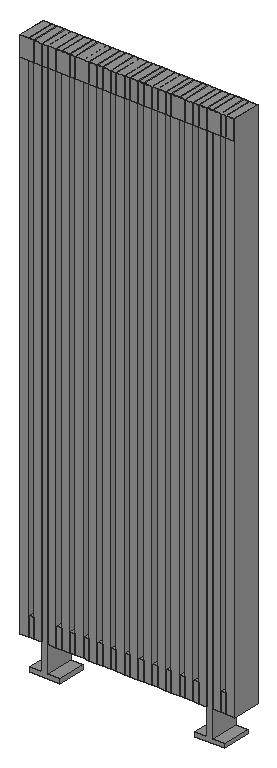
Revit family "13905 Информационный стенд «Линк» L Хоббика", category Антураж, Revit 2018
Family settings
  На основе рабочей плоскости = Нет
  Всегда вертикально = Да
  При загрузке вырезать с полостями = Нет
  Источник визуального образа = Геометрия семейства
  Общий = Нет
  Точка расчета площади = Нет
Parameters (values of type "Информационный стенд «Линк» L")
  Ширина = 105 mm  # constant formula
  Цвет отделки = Дерево
  Цвет каркаса = Сталь
  Описание = "Информационный стенд «Линк» L"  # constant formula
  Материал изделия = "Сталь, дерево"  # constant formula
  Изображение типоразмера = Информационный стенд «Линк» L Арт 13905.jpg
  Изготовитель = "ООО «Хоббика»"  # constant formula
  Длина = 780 mm  # constant formula
  Группа модели = "Стенды и указатели"  # constant formula
  Высота = 2065 mm  # constant formula
  Артикул товара = "Арт. 13905"  # constant formula
  URL = "https://hobbyka.ru/product/informatsionnyy_stend_link_l"
Reference planes
  plane 1 "По центру (Вперед/Назад)": y = 0
  plane 2: z = 0
  plane 3 "По центру (Влево/Вправо)": x = 0
  plane 4: x = 780
  plane 5: y = 105
  plane 6: z = 2065
Forms (mm)
  Extrusion 1, solid, material "Дерево" <- "Цвет отделки"
    sketch origin (0, 0, 0) x (1, 0, 0) y (0, 0, 1)
      loop
        line (30, 112.904) -> (30, 2065) -> (0, 2065) -> (0, 112.904) -> (30, 112.904)
    from 0 to -105
  Extrusion 2, solid, material "Дерево" <- "Цвет отделки"
    sketch origin (750, 0, 0) x (1, 0, 0) y (0, 0, 1)
      loop
        line (30, 112.904) -> (30, 2065) -> (0, 2065) -> (0, 112.904) -> (30, 112.904)
    from 0 to -105
  Extrusion 3, solid, material "Дерево" <- "Цвет отделки"
    sketch origin (50, 0, 0) x (1, 0, 0) y (0, 0, 1)
      loop
        line (30, 112.904) -> (30, 2065) -> (0, 2065) -> (0, 112.904) -> (30, 112.904)
    from 0 to -105
  Extrusion 4, solid, material "Дерево" <- "Цвет отделки"
    sketch origin (100, 0, 0) x (1, 0, 0) y (0, 0, 1)
      loop
        line (30, 112.904) -> (30, 2065) -> (0, 2065) -> (0, 112.904) -> (30, 112.904)
    from 0 to -105
  Extrusion 5, solid, material "Дерево" <- "Цвет отделки"
    sketch origin (150, 0, 0) x (1, 0, 0) y (0, 0, 1)
      loop
        line (30, 112.904) -> (30, 2065) -> (0, 2065) -> (0, 112.904) -> (30, 112.904)
    from 0 to -105
  Extrusion 6, solid, material "Дерево" <- "Цвет отделки"
    sketch origin (200, 0, 0) x (1, 0, 0) y (0, 0, 1)
      loop
        line (30, 112.904) -> (30, 2065) -> (0, 2065) -> (0, 112.904) -> (30, 112.904)
    from 0 to -105
  Extrusion 7, solid, material "Дерево" <- "Цвет отделки"
    sketch origin (250, 0, 0) x (1, 0, 0) y (0, 0, 1)
      loop
        line (30, 112.904) -> (30, 2065) -> (0, 2065) -> (0, 112.904) -> (30, 112.904)
    from 0 to -105
  Extrusion 8, solid, material "Дерево" <- "Цвет отделки"
    sketch origin (300, 0, 0) x (1, 0, 0) y (0, 0, 1)
      loop
        line (30, 112.904) -> (30, 2065) -> (0, 2065) -> (0, 112.904) -> (30, 112.904)
    from 0 to -105
  Extrusion 9, solid, material "Дерево" <- "Цвет отделки"
    sketch origin (350, 0, 0) x (1, 0, 0) y (0, 0, 1)
      loop
        line (30, 112.904) -> (30, 2065) -> (0, 2065) -> (0, 112.904) -> (30, 112.904)
    from 0 to -105
  Extrusion 10, solid, material "Дерево" <- "Цвет отделки"
    sketch origin (400, 0, 0) x (1, 0, 0) y (0, 0, 1)
      loop
        line (30, 112.904) -> (30, 2065) -> (0, 2065) -> (0, 112.904) -> (30, 112.904)
    from 0 to -105
  Extrusion 11, solid, material "Дерево" <- "Цвет отделки"
    sketch origin (450, 0, 0) x (1, 0, 0) y (0, 0, 1)
      loop
        line (30, 112.904) -> (30, 2065) -> (0, 2065) -> (0, 112.904) -> (30, 112.904)
    from 0 to -105
  Extrusion 12, solid, material "Дерево" <- "Цвет отделки"
    sketch origin (500, 0, 0) x (1, 0, 0) y (0, 0, 1)
      loop
        line (30, 112.904) -> (30, 2065) -> (0, 2065) -> (0, 112.904) -> (30, 112.904)
    from 0 to -105
  Extrusion 13, solid, material "Дерево" <- "Цвет отделки"
    sketch origin (550, 0, 0) x (1, 0, 0) y (0, 0, 1)
      loop
        line (30, 112.904) -> (30, 2065) -> (0, 2065) -> (0, 112.904) -> (30, 112.904)
    from 0 to -105
  Extrusion 14, solid, material "Дерево" <- "Цвет отделки"
    sketch origin (600, 0, 0) x (1, 0, 0) y (0, 0, 1)
      loop
        line (30, 112.904) -> (30, 2065) -> (0, 2065) -> (0, 112.904) -> (30, 112.904)
    from 0 to -105
  Extrusion 15, solid, material "Дерево" <- "Цвет отделки"
    sketch origin (650, 0, 0) x (1, 0, 0) y (0, 0, 1)
      loop
        line (30, 112.904) -> (30, 2065) -> (0, 2065) -> (0, 112.904) -> (30, 112.904)
    from 0 to -105
  Extrusion 16, solid, material "Дерево" <- "Цвет отделки"
    sketch origin (700, 0, 0) x (1, 0, 0) y (0, 0, 1)
      loop
        line (30, 112.904) -> (30, 2065) -> (0, 2065) -> (0, 112.904) -> (30, 112.904)
    from 0 to -105
  Extrusion 17, solid, material "Дерево" <- "Цвет отделки"
    sketch origin (0, 0, 0) x (1, 0, 0) y (0, 0, 1)
      loop
        line (50, 2065) -> (30, 2065) -> (30, 1995) -> (50, 1995) -> (50, 2065)
      loop
        line (30, 182.904) -> (30, 112.904) -> (50, 112.904) -> (50, 182.904) -> (30, 182.904)
      loop
        line (100, 2065) -> (80, 2065) -> (80, 1995) -> (100, 1995) -> (100, 2065)
      loop
        line (150, 2065) -> (130, 2065) -> (130, 1995) -> (150, 1995) -> (150, 2065)
      loop
        line (130, 182.904) -> (130, 112.904) -> (150, 112.904) -> (150, 182.904) -> (130, 182.904)
      loop
        line (200, 2065) -> (180, 2065) -> (180, 1995) -> (200, 1995) -> (200, 2065)
      loop
        line (180, 182.904) -> (180, 112.904) -> (200, 112.904) -> (200, 182.904) -> (180, 182.904)
      loop
        line (250, 2065) -> (230, 2065) -> (230, 1995) -> (250, 1995) -> (250, 2065)
      loop
        line (230, 182.904) -> (230, 112.904) -> (250, 112.904) -> (250, 182.904) -> (230, 182.904)
      loop
        line (300, 2065) -> (280, 2065) -> (280, 1995) -> (300, 1995) -> (300, 2065)
      loop
        line (280, 182.904) -> (280, 112.904) -> (300, 112.904) -> (300, 182.904) -> (280, 182.904)
      loop
        line (350, 2065) -> (330, 2065) -> (330, 1995) -> (350, 1995) -> (350, 2065)
      loop
        line (330, 182.904) -> (330, 112.904) -> (350, 112.904) -> (350, 182.904) -> (330, 182.904)
      loop
        line (400, 2065) -> (380, 2065) -> (380, 1995) -> (400, 1995) -> (400, 2065)
      loop
        line (380, 182.904) -> (380, 112.904) -> (400, 112.904) -> (400, 182.904) -> (380, 182.904)
      loop
        line (450, 2065) -> (430, 2065) -> (430, 1995) -> (450, 1995) -> (450, 2065)
      loop
        line (430, 182.904) -> (430, 112.904) -> (450, 112.904) -> (450, 182.904) -> (430, 182.904)
      loop
        line (500, 2065) -> (480, 2065) -> (480, 1995) -> (500, 1995) -> (500, 2065)
      loop
        line (480, 182.904) -> (480, 112.904) -> (500, 112.904) -> (500, 182.904) -> (480, 182.904)
      loop
        line (550, 2065) -> (530, 2065) -> (530, 1995) -> (550, 1995) -> (550, 2065)
      loop
        line (530, 182.904) -> (530, 112.904) -> (550, 112.904) -> (550, 182.904) -> (530, 182.904)
      loop
        line (600, 2065) -> (580, 2065) -> (580, 1995) -> (600, 1995) -> (600, 2065)
      loop
        line (580, 182.904) -> (580, 112.904) -> (600, 112.904) -> (600, 182.904) -> (580, 182.904)
      loop
        line (650, 2065) -> (630, 2065) -> (630, 1995) -> (650, 1995) -> (650, 2065)
      loop
        line (630, 182.904) -> (630, 112.904) -> (650, 112.904) -> (650, 182.904) -> (630, 182.904)
      loop
        line (700, 2065) -> (680, 2065) -> (680, 1995) -> (700, 1995) -> (700, 2065)
      loop
        line (750, 2065) -> (730, 2065) -> (730, 1995) -> (750, 1995) -> (750, 2065)
      loop
        line (730, 182.904) -> (730, 112.904) -> (750, 112.904) -> (750, 182.904) -> (730, 182.904)
    from 0 to -105
  Extrusion 18, solid, material "Сталь" <- "Цвет каркаса"
    sketch origin (0, 0, 0) x (1, 0, 0) y (0, 0, 1)
      loop
        line (80, 1995) -> (80, 15) -> (35, 15) -> (35, 0) -> (145, 0) -> (145, 15) -> (100, 15) -> (100, 1995) -> (80, 1995)
      loop
        line (680, 1995) -> (680, 15) -> (635, 15) -> (635, 0) -> (745, 0) -> (745, 15) -> (700, 15) -> (700, 1995) -> (680, 1995)
    from 0 to -105
  Extrusion 19, solid, material "Сталь" <- "Цвет каркаса"
    sketch origin (0, 0, 0) x (0, 1, 0) y (0, 0, 1)
      loop
        line (0, 1995) -> (0, 2065) -> (105, 2065) -> (105, 1995) -> (105.8, 1995) -> (105.8, 2065.8) -> (-0.8, 2065.8) -> (-0.8, 1995) -> (0, 1995)
    from 0 to 780
  Extrusion 20, solid, material "Сталь" <- "Цвет каркаса"
    sketch origin (0, 0, 0) x (0, 1, 0) y (0, 0, 1)
      loop
        line (105, 1306.722) -> (105, 1140) -> (106, 1140) -> (106, 1306.722) -> (105, 1306.722)
    from 50 to 530
  Extrusion 21, solid, material "Сталь" <- "Цвет каркаса"
    sketch origin (0, 0, 60) x (0, 1, 0) y (0, 0, 1)
      loop
        line (105, 1246.722) -> (105, 1080) -> (106, 1080) -> (106, 1246.722) -> (105, 1246.722)
    from 550 to 730
  Extrusion 22, solid, material "Сталь" <- "Цвет каркаса"
    sketch origin (0, 0, 60) x (0, 1, 0) y (0, 0, 1)
      loop
        line (105, 1661.323) -> (105, 1285) -> (106, 1285) -> (106, 1661.323) -> (105, 1661.323)
    from 50 to 730
  Extrusion 23, solid, material "Сталь" <- "Цвет каркаса"
    sketch origin (0, 0, 60) x (0, 1, 0) y (0, 0, 1)
      loop
        line (105, 1868.371) -> (105, 1685) -> (106, 1685) -> (106, 1868.371) -> (105, 1868.371)
    from 250 to 730
  Extrusion 24, solid, material "Сталь" <- "Цвет каркаса"
    sketch origin (0, 0, 60) x (0, 1, 0) y (0, 0, 1)
      loop
        line (105, 1868.371) -> (105, 1685) -> (106, 1685) -> (106, 1868.371) -> (105, 1868.371)
    from 50 to 230
Dimensions and locks
  "Ширина": plane 5 to plane 1 "По центру (Вперед/Назад)"
  "Длина": plane 3 "По центру (Влево/Вправо)" to plane 4
  "Высота": plane 6 to plane 2
  plane 4 to plane 3 "По центру (Влево/Вправо)" = 780 mm
  equal spacing: group 1, group 3, group 4, group 5, group 6, group 7, group 8, group 9, group 10, group 11, group 12, group 13, group 14, group 15, group 16, group 2  (x3)
  aligned and locked: level to plane 2
Automatic sketch dimensions
  Extrusion 1 sketch curve to Extrusion 1 sketch curve = 30 mm
  Extrusion 1 sketch curve to Extrusion 1 sketch curve = 1952.096 mm
  Extrusion 2 sketch curve to Extrusion 2 sketch curve = 30 mm
  Extrusion 2 sketch curve to Extrusion 2 sketch curve = 1952.096 mm
  Extrusion 3 sketch curve to Extrusion 3 sketch curve = 30 mm
  Extrusion 3 sketch curve to Extrusion 3 sketch curve = 1952.096 mm
  Extrusion 4 sketch curve to Extrusion 4 sketch curve = 30 mm
  Extrusion 4 sketch curve to Extrusion 4 sketch curve = 1952.096 mm
  Extrusion 5 sketch curve to Extrusion 5 sketch curve = 30 mm
  Extrusion 5 sketch curve to Extrusion 5 sketch curve = 1952.096 mm
  Extrusion 6 sketch curve to Extrusion 6 sketch curve = 30 mm
  Extrusion 6 sketch curve to Extrusion 6 sketch curve = 1952.096 mm
  Extrusion 7 sketch curve to Extrusion 7 sketch curve = 30 mm
  Extrusion 7 sketch curve to Extrusion 7 sketch curve = 1952.096 mm
  Extrusion 8 sketch curve to Extrusion 8 sketch curve = 30 mm
  Extrusion 8 sketch curve to Extrusion 8 sketch curve = 1952.096 mm
  Extrusion 9 sketch curve to Extrusion 9 sketch curve = 30 mm
  Extrusion 9 sketch curve to Extrusion 9 sketch curve = 1952.096 mm
  Extrusion 10 sketch curve to Extrusion 10 sketch curve = 30 mm
  Extrusion 10 sketch curve to Extrusion 10 sketch curve = 1952.096 mm
  Extrusion 11 sketch curve to Extrusion 11 sketch curve = 30 mm
  Extrusion 11 sketch curve to Extrusion 11 sketch curve = 1952.096 mm
  Extrusion 12 sketch curve to Extrusion 12 sketch curve = 30 mm
  Extrusion 12 sketch curve to Extrusion 12 sketch curve = 1952.096 mm
  Extrusion 13 sketch curve to Extrusion 13 sketch curve = 30 mm
  Extrusion 13 sketch curve to Extrusion 13 sketch curve = 1952.096 mm
  Extrusion 14 sketch curve to Extrusion 14 sketch curve = 30 mm
  Extrusion 14 sketch curve to Extrusion 14 sketch curve = 1952.096 mm
  Extrusion 15 sketch curve to Extrusion 15 sketch curve = 30 mm
  Extrusion 15 sketch curve to Extrusion 15 sketch curve = 1952.096 mm
  Extrusion 16 sketch curve to Extrusion 16 sketch curve = 30 mm
  Extrusion 16 sketch curve to Extrusion 16 sketch curve = 1952.096 mm
  Extrusion 17 sketch curve to plane 6 = 0 mm  (x15)
  plane 3 "По центру (Влево/Вправо)" to Extrusion 17 sketch curve = 30 mm  (x2)
  Extrusion 17 sketch curve to Extrusion 17 sketch curve = 20 mm  (x28)
  Extrusion 17 sketch curve to Extrusion 17 sketch curve = 30 mm  (x24)
  Extrusion 17 sketch curve to Extrusion 17 sketch curve = 80 mm
  Extrusion 17 sketch curve to plane 4 = 50 mm
  Extrusion 17 sketch curve to plane 6 = 70 mm  (x2)
  Extrusion 17 sketch curve to Extrusion 17 sketch curve = 70 mm  (x6)
  Extrusion 17 sketch curve to Extrusion 17 sketch curve = 0 mm  (x31)
  level to Extrusion 17 sketch curve = 182.904 mm  (x2)
  Extrusion 18 sketch curve to level = 0 mm  (x2)
  level to Extrusion 18 sketch curve = 15 mm  (x4)
  plane 3 "По центру (Влево/Вправо)" to Extrusion 18 sketch curve = 35 mm
  plane 3 "По центру (Влево/Вправо)" to Extrusion 18 sketch curve = 80 mm
  Extrusion 18 sketch curve to Extrusion 18 sketch curve = 20 mm  (x2)
  Extrusion 18 sketch curve to Extrusion 18 sketch curve = 45 mm
  Extrusion 18 sketch curve to plane 4 = 145 mm
  Extrusion 18 sketch curve to plane 4 = 100 mm
  Extrusion 18 sketch curve to plane 4 = 35 mm
  Extrusion 18 sketch curve to plane 6 = 70 mm  (x2)
  Extrusion 19 sketch curve to plane 1 "По центру (Вперед/Назад)" = 0 mm
  Extrusion 19 sketch curve to plane 5 = 0 mm
  Extrusion 19 sketch curve to plane 6 = 0 mm
  plane 1 "По центру (Вперед/Назад)" to Extrusion 19 sketch curve = 0.8 mm
  plane 5 to Extrusion 19 sketch curve = 0.8 mm
  Extrusion 19 sketch curve to plane 6 = 70 mm
  Extrusion 19 sketch curve to Extrusion 19 sketch curve = 70 mm
  plane 6 to Extrusion 19 sketch curve = 0.8 mm
  Extrusion 20 sketch curve to plane 5 = 0 mm
  plane 5 to Extrusion 20 sketch curve = 1 mm
  Extrusion 20 sketch curve to plane 6 = 925 mm
  Extrusion 20 sketch curve to Extrusion 20 sketch curve = 166.722 mm
  Extrusion 21 sketch curve to plane 5 = 0 mm
  plane 5 to Extrusion 21 sketch curve = 1 mm
  Extrusion 21 sketch curve to plane 6 = 925 mm
  Extrusion 21 sketch curve to Extrusion 21 sketch curve = 166.722 mm
  Extrusion 22 sketch curve to plane 5 = 0 mm
  plane 5 to Extrusion 22 sketch curve = 1 mm
  Extrusion 22 sketch curve to plane 6 = 720 mm
  Extrusion 22 sketch curve to plane 6 = 343.677 mm
  Extrusion 23 sketch curve to plane 5 = 0 mm
  plane 5 to Extrusion 23 sketch curve = 1 mm
  Extrusion 23 sketch curve to plane 6 = 320 mm
  Extrusion 23 sketch curve to plane 6 = 136.629 mm
  Extrusion 24 sketch curve to plane 5 = 0 mm
  plane 5 to Extrusion 24 sketch curve = 1 mm
  Extrusion 24 sketch curve to plane 6 = 320 mm
  Extrusion 24 sketch curve to plane 6 = 136.629 mm
